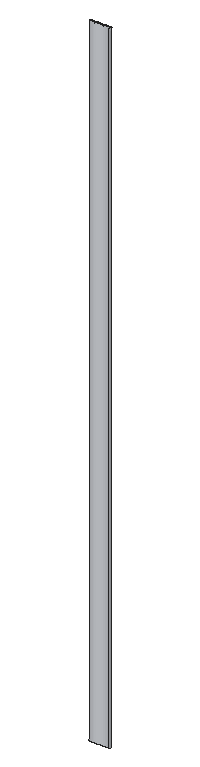
Revit family
Parameters (values of type "20mm")
  built-in parameter 1008623 [instance] = 32.47°
  built-in parameter 1008625 [instance] = (empty or 0)
  Post = no
  Diameter = 20 mm
  built-in parameter 1008624 [instance] = 32.47°
  Baluster Material = none
  built-in parameter 1008622 [instance] = 750 mm
Types (3, lengths in mm): name | Diameter
  (no name) | 20
  25mm | 25
  20mm | 20
Reference planes
  plane 1 "Center (Front/Back)": y = 0
  plane 2: z = 0
  plane 3 "Center (Left/Right)": x = 0
  plane 4 "Top": z = 750
  plane 5 "Top Angle Cut": through (0, 339.699, 533.838) normal (0, -0.5369, -0.8437)
  plane 6: z = 850
  plane 7: x = -10
  plane 8: x = 10
  plane 9: z = -100
  plane 10 "Bottom Angel Cut": through (0, 0, 0) normal (0, -0.5369, -0.8437)
  plane 11: y = 20
  plane 12: x = 20
  plane 13: y = -20
  plane 14: x = -20
Forms (mm)
  Extrusion 1, solid, material <- "Baluster Material"
    sketch origin (0, 0, 0) x (1, 0, 0) y (0, 1, 0)
      loop
        circle (0, 0) r 10
    from -100 to 850
  Extrusion 2, void
    sketch origin (0, 0, 0) x (0, 1, 0) y (0, 0, 1)
      loop
        line (-20, 850) -> (-20, 762.727) -> (20, 737.273) -> (20, 850) -> (-20, 850)
      loop
        line (-20, -100) -> (20, -100) -> (20, -12.727) -> (-20, 12.727) -> (-20, -100)
    from -20 to 20
Cuts and joins
  Extrusion 2 cuts Extrusion 1
Dimensions and locks
  "built-in parameter 1008622": plane 2 to plane 4 "Top"
  locked: plane 4 "Top" to plane 6 at 100
  equal spacing: plane 7, plane 3 "Center (Left/Right)", plane 8
  "Diameter": plane 7 to plane 8
  locked: plane 9 to level at 100
  "Diameter": plane 14 to plane 3 "Center (Left/Right)"
  "Diameter": plane 3 "Center (Left/Right)" to plane 12
  "Diameter": plane 1 "Center (Front/Back)" to plane 11
  "Diameter": plane 13 to plane 1 "Center (Front/Back)"
  "built-in parameter 1008623": angle plane 4 "Top" to plane 5 "Top Angle Cut"
  "built-in parameter 1008624": angle level to plane 10 "Bottom Angel Cut"
  aligned and locked: Extrusion 1 to plane 6
  aligned and locked: plane 9 to Extrusion 1
  aligned and locked: Extrusion 2 to plane 14
  aligned and locked: Extrusion 2 to plane 12
  aligned and locked: plane 6 to Extrusion 2 sketch curve
  aligned and locked: plane 11 to Extrusion 2 sketch curve
  aligned and locked: plane 13 to Extrusion 2 sketch curve  (x2)
  aligned and locked: Extrusion 2 sketch curve to plane 5 "Top Angle Cut"
  aligned and locked: plane 9 to Extrusion 2 sketch curve
  aligned and locked: Extrusion 2 sketch curve to plane 11
  aligned and locked: Extrusion 2 sketch curve to plane 10 "Bottom Angel Cut"
Automatic sketch dimensions
  Extrusion 1 sketch curve to plane 7 = 0 mm
  Extrusion 1 sketch curve to plane 1 "Center (Front/Back)" = 0 mm
  Extrusion 1 sketch curve to plane 3 "Center (Left/Right)" = 0 mm
